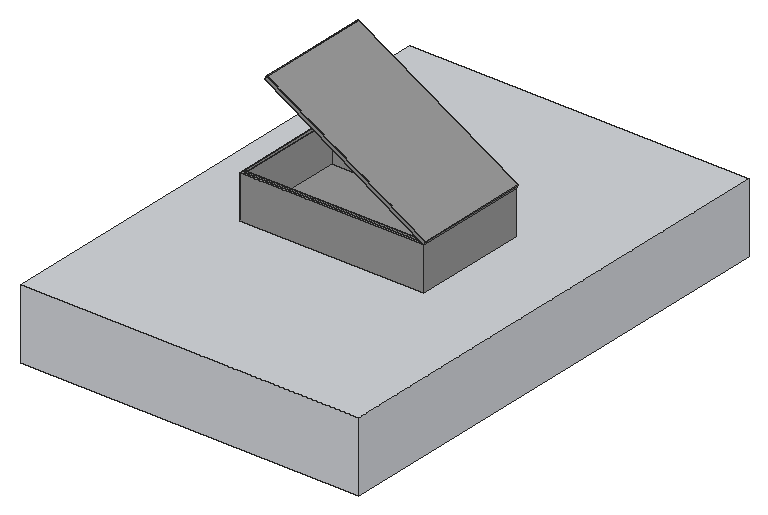
Revit family "Hager-Univers-IP44-D205-H500-Cl.II-Encl-CH-it", category Equipement électrique, Revit 2020
Family settings
  Hôte = Face
  Configuration du panneau = Deux colonnes, circuits au sein
  Cote de connecteur circulaire = Utiliser le diamètre
  Type d'élément = Tableau de raccordement
  Couper avec des vides une fois chargée = Non
  Partagée = Non
  Point de calcul de pièce = Non
Parameters (values of type "A parete IP44 L800 A500 P205  - FP33QS")
  Width Control [instance] = if([EF000008 - Larghezza] > Min Width, [EF000008 - Larghezza], Min Width)  # 800 mm
  Commentaires du type = [HG000003 - Gamma]  # "Univers"
  Thickness Door [instance] = if([EF009171 - spessore materiale porta/coperchio] > 3 mm, 3 mm, [EF009171 - spessore materiale porta/coperchio])  # 1 mm
  Seal Frame Offset [instance] = 17 mm  # constant formula
  Plinth Visibility [instance] = [HG000027 - Altezza dello zoccolo] > 0 mm  # no
  Model = ""
  Min Width [instance] = 100 mm  # constant formula
  Min Height [instance] = 100 mm  # constant formula
  Min Depth [instance] = (2 * [EF009170 - spessore materiale scatola]) + 1 mm  # 3 mm
  Internal Frame Depth [instance] = (Door System Depth * 0.5)  # 9 mm
  Height Control [instance] = if([EF000040 - Altezza] > Min Height, [EF000040 - Altezza], Min Height)  # 500 mm
  HG000027 - Altezza dello zoccolo = 0 mm
  HG000026 - A pavimento = no
  HG000024 - Altezza della sezione inferiore = 800 mm
  HG000023 - Custodia a doppia sezione = no
  HG000016 - Visibilità delle porte nella vista 3D [instance] = yes
  HG000015 - Visibilità attraverso la porta [instance] = no
  HG000014 - Porta destra [instance] = yes
  HG000013 - Porta sinistra [instance] = not([HG000014 - Porta destra])  # no
  HG000012 - Angolo di apertura della porta [instance] = 30.00°
  HG000010 - Porte asimmetriche = no
  HG000009 - Porta doppia a battente = no
  HG000006 - Ad incasso = no
  HG000004 - Codice produttore = "FP33QS"
  HG000003 - Gamma = "Univers"
  HG000002 - Con porta = yes
  Frame Offset Bottom [instance] = 10 mm  # constant formula
  Frame Offset [instance] = 15 mm  # constant formula
  EF015940 - Coprire con rilascio di sovrapressione = no
  EF011959 - tipo di protezione (NEMA) = ""
  EF009554 - numero delle aperture per la piastra della flangia = 6
  Fabricant = "Hager"  # constant formula
  EF009212 - esecuzione coperchio = "EV000116 - chiuso"
  EF009171 - spessore materiale porta/coperchio = 1 mm
  EF009170 - spessore materiale scatola = 1 mm
  EF008873 - corrente nominale (In) = 250 A
  EF007800 - adatto per parafulmine = no
  EF006306 - con serratura = no
  EF006244 - coperchio/porta trasparente = no
  EF005474 - grado di protezione (IP) = "EV006418 - IP44"
  EF004464 - tipo di porta = "EV002646 - singolo"
  EF004427 - numero di moduli = 108
  EF004293 - resistenza agli urti = "EV006815 - IK09"
  EF003532 - adatto per uso esterno = no
  EF002950 - Numero moduli DIN = 36
  EF001613 - Integrità del circuito = "EV000494 - senza"
  EF001596 - Attacco Lampada = "EV000179 - acciaio"
  EF001131 - profondità interna = 143 mm
  EF001088 - possibilità di applicazione = yes
  EF000437 - numero di ingressi per conduttori = 6
  EF000339 - tipo di copertura = "EV001012 - coperchio"
  EF000266 - numero di file = 3
  EF000218 - profondità di incasso = 0 mm
  EF000118 - con piastra di montaggio = no
  EF000116 - numero RAL = "9010"
  EF000049 - profondità = 205 mm
  EF000040 - Altezza = 500 mm
  EF000008 - Larghezza = 800 mm
  EF000007 - colore = "EV000202 - bianco"
  EF000003 - Tipo di montaggio = "EV000384 - A parete"
  Door System Leaf Tolerance [instance] = 1.5 mm  # constant formula
  Door System Depth [instance] = 18 mm  # constant formula
  Door Height [instance] = Height Control - [HG000027 - Altezza dello zoccolo]  # 500 mm
  Depth Control [instance] = if([EF000049 - profondità] > Min Depth, [EF000049 - profondità], Min Depth)  # 205 mm
  Default Elevation = 0 mm
  Connector Offset [instance] = Height Control / 2  # 250 mm
  Bottom Top Plate Trim [instance] = 1.5 mm  # constant formula
  Plinth height Ctrl [instance] = if([HG000027 - Altezza dello zoccolo] > 0 mm, [HG000027 - Altezza dello zoccolo], 12 mm)  # 12 mm
Types (5, lengths in mm): name | Width Control | HG000009 - Porta doppia a battente | HG000004 - Codice produttore | EF009554 - numero delle aperture per la piastra della flangia | EF004464 - tipo di porta | EF004427 - numero di moduli | EF002950 - Numero moduli DIN | EF000437 - numero di ingressi per conduttori | EF000008 - Larghezza
  A parete IP44 L1050 A500 P205  - FP34QS | 1050 | yes | "FP34QS" | 8 | "EV003602 - doppio" | 144 | 48 | 8 | 1050
  A parete IP44 L1300 A500 P205  - FP35QS | 1300 | yes | "FP35QS" | 10 | "EV003602 - doppio" | 180 | 60 | 10 | 1300
  A parete IP44 L300 A500 P205  - FP31QS | 300 | no | "FP31QS" | 2 | "EV002646 - singolo" | 36 | 12 | 2 | 300
  A parete IP44 L550 A500 P205  - FP32QS | 550 | no | "FP32QS" | 4 | "EV002646 - singolo" | 72 | 24 | 4 | 550
  A parete IP44 L800 A500 P205  - FP33QS | 800 | no | "FP33QS" | 6 | "EV002646 - singolo" | 108 | 36 | 6 | 800
Reference planes
  plane 1 "Center (Front/Back)": y = 0
  plane 2: z = 0
  plane 3 "Center (Left/Right)": x = 0
  plane 4: z = 205
  plane 5: y = 1
  plane 6: y = 250
  plane 7: y = 0
  plane 8: y = 500
  plane 9: z = 0
  plane 10: x = -385
  plane 11: x = 385
  plane 12: x = 384
  plane 13: x = -384
  plane 14: y = 499
  plane 15: x = -383
  plane 16: x = -400
  plane 17: x = 383
  plane 18: x = 400
  plane 19: x = 399
  plane 20: x = -399
  plane 21: y = 11
  plane 22: y = 500
  plane 23: y = 484
  plane 24: z = 187
  plane 25: z = 1
  plane 26: z = 186
  plane 27: z = 204
Forms (mm)
  Extrusion 1, solid
    sketch origin (0, 0, 0) x (1, 0, 0) y (0, 1, 0)
      loop
        line (-702.964, 1305) -> (-702.964, -811.445) -> (766.763, -811.445) -> (766.763, 1305) -> (-702.964, 1305)
    from 0 to -304.8
  Extrusion 2, solid, material "Hager_Steel_RAL7035_Light_Grey", visible <- "Plinth Visibility", detail levels medium+fine
    sketch origin (0, 0, 0) x (1, 0, 0) y (0, 1, 0)
      loop
        line (-400, 0) -> (400, 0) -> (400, 12) -> (-400, 12) -> (-400, 0)
    from 0 to 187
  Extrusion 3, solid, material "Hager_Steel_RAL7035_Light_Grey", detail levels medium+fine
    sketch origin (0, 0, 0) x (1, 0, 0) y (0, 1, 0)
      loop
        line (-400, 0) -> (400, 0) -> (400, 500) -> (-400, 500) -> (-400, 0)
    from 0 to 187
  Extrusion 4, void
    sketch origin (0, 0, 0) x (1, 0, 0) y (0, 1, 0)
      loop
        line (-399, 1) -> (399, 1) -> (399, 499) -> (-399, 499) -> (-399, 1)
    from 1 to 186
  Extrusion 5, void
    sketch origin (-381.607, -4572, 187) x (0, -1, 0) y (-1, 0, 0)
      loop
        line (-4583, 2.393) -> (-5056, 2.393) -> (-5056, -765.607) -> (-4583, -765.607) -> (-4583, 2.393)
    from 0 to 1 <- "EF009170 - spessore materiale scatola"
  Extrusion 6, solid, material "Hager_Steel_RAL7035_Light_Grey", detail levels fine
    sketch origin (0, 0, 187) x (1, 0, 0) y (0, 1, 0)
      loop
        line (-384, 484) -> (-384, 11) -> (384, 11) -> (384, 484) -> (-384, 484)
      loop
        line (-385, 10) -> (385, 10) -> (385, 485) -> (-385, 485) -> (-385, 10)
    from 0 to 9 <- "Internal Frame Depth"
  Extrusion 7, solid, material "Hager_Steel_RAL7035_Light_Grey", detail levels coarse
    sketch origin (0, 0, 0) x (1, 0, 0) y (0, 1, 0)
      loop
        line (-400, 0) -> (400, 0) -> (400, 500) -> (-400, 500) -> (-400, 0)
    from 0 to 205
  Sweep 8, void
    path in 3D
      loop
        line (-400, 12, 0) -> (400, 12, 0) -> (400, 12, 187) -> (-400, 12, 187) -> (-400, 12, 0)
    profile origin (-400, 12, 93.5) x (-1, 0, 0) y (0, -1, 0)
      loop
        line (0, 0) -> (0, 1.5) -> (-1.5, 1.5)
        arc (-1.5, 1.5) -> (-1.061, 0.439) -> (0, 0) r 1.5
Cuts and joins
  Extrusion 4, Extrusion 5 cuts Extrusion 3
  Sweep 8 cuts Extrusion 2
Lines and regions (mm)
  Masking region 1
    outline origin (0, 0, 0) x (1, 0, 0) y (0, 0, 1)
      loop
        line (-400, 205) -> (-400, 0) -> (400, 0) -> (400, 205) -> (-400, 205)
  Masking region 2, detail levels medium+fine
    outline origin (0, 140, 0) x (0, 1, 0) y (0, 0, 1)
      loop
        line (-140, 0) -> (360, 0) -> (360, 187) -> (-140, 187) -> (-140, 0)
  Masking region 3, not visible, detail levels medium+fine
    outline origin (0, 297.922, 0) x (0, 1, 0) y (0, 0, 1)
      loop
        line (-36.422, 0) -> (3.578, 0) -> (3.578, 194)
        arc (3.578, 194) -> (0.649, 201.071) -> (-6.422, 204) r 10
        line (-6.422, 204) -> (-36.422, 204) -> (-36.422, 0)
  Masking region 4, detail levels coarse
    outline origin (0, 0, 180) x (0, 1, 0) y (0, 0, 1)
      loop
        line (0, -180) -> (500, -180) -> (500, 25) -> (0, 25) -> (0, -180)
  Masking region 5, visible <- "Plinth Visibility", detail levels medium+fine
    outline origin (0, 52.24, 12.345) x (0, 0, -1) y (0, 1, 0)
      loop
        line (10.845, -40.24) -> (-173.155, -40.24)
        arc (-173.155, -40.24) -> (-173.594, -41.301) -> (-174.655, -41.74) r 1.5
        line (-174.655, -41.74) -> (-174.655, -52.24) -> (12.345, -52.24) -> (12.345, -41.74)
        arc (12.345, -41.74) -> (11.285, -41.301) -> (10.845, -40.24) r 1.5
  Masking region 6, detail levels medium+fine
    outline origin (-381.607, -4572, 187) x (-1, 0, 0) y (0, -1, 0)
      loop
        line (18.393, -5072) -> (18.393, -4572) -> (-781.607, -4572) -> (-781.607, -5072) -> (18.393, -5072)
  Masking region 7, visible <- "Plinth Visibility", detail levels medium+fine
    outline origin (-381.607, -4727, 187) x (-1, 0, 0) y (0, -1, 0)
      loop
        arc (16.893, -4739) -> (17.332, -4737.939) -> (18.393, -4737.5) r 1.5
        line (18.393, -4737.5) -> (18.393, -4727) -> (-781.607, -4727) -> (-781.607, -4737.5)
        arc (-781.607, -4737.5) -> (-780.546, -4737.939) -> (-780.107, -4739) r 1.5
        line (-780.107, -4739) -> (16.893, -4739)
  Masking region 8, detail levels coarse
    outline origin (-442.548, -4669.526, 187) x (-1, 0, 0) y (0, -1, 0)
      loop
        line (-42.548, -5169.526) -> (-42.548, -4669.526) -> (-842.548, -4669.526) -> (-842.548, -5169.526) -> (-42.548, -5169.526)
  sketch lines
    curve 1: line (-400, 12, 187) -> (-400, 12, 0)
    curve 2: line (400, 12, 187) -> (-400, 12, 187)
    curve 3: line (400, 12, 187) -> (400, 12, 0)
    curve 4: line (-400, 12, 0) -> (400, 12, 0)
Dimensions and locks
  "Depth Control": plane 4 to Extrusion 1
  "HG000027 - Altezza dello zoccolo": plane 1 "Center (Front/Back)" to plane 7
  "EF009170 - spessore materiale scatola": plane 5 to plane 7
  locked: connector elem to plane 3 "Center (Left/Right)"
  equal spacing: plane 8, plane 6, plane 7
  locked: connector elem to plane 6
  "EF009170 - spessore materiale scatola": plane 8 to plane 14
  "EF009170 - spessore materiale scatola": plane 10 to plane 13
  "EF009170 - spessore materiale scatola": plane 12 to plane 11
  "Frame Offset": plane 20 to plane 13
  "Frame Offset": plane 12 to plane 19
  "EF009170 - spessore materiale scatola": plane 16 to plane 20
  "EF009170 - spessore materiale scatola": plane 19 to plane 18
  "Seal Frame Offset": plane 16 to plane 15
  "Seal Frame Offset": plane 17 to plane 18
  "Frame Offset Bottom": plane 21 to plane 5
  "Frame Offset": plane 14 to plane 23
  equal spacing: plane 16, plane 3 "Center (Left/Right)", plane 18
  "Width Control": plane 16 to plane 18
  "EF009170 - spessore materiale scatola": plane 4 to plane 27
  "EF009170 - spessore materiale scatola": plane 24 to plane 26
  "EF009170 - spessore materiale scatola": plane 25 to level
  "Door System Depth": plane 4 to plane 24
  "Height Control": plane 1 "Center (Front/Back)" to Extrusion 7 sketch curve
  "Height Control": Masking region 4 sketch curve to plane 1 "Center (Front/Back)"
  "Height Control": plane 1 "Center (Front/Back)" to plane 22
  "Bottom Top Plate Trim": profile plane to Sweep 8 sketch curve
  "Bottom Top Plate Trim": Sweep 8 sketch curve to profile plane
  "Plinth height Ctrl": plane 1 "Center (Front/Back)" to Extrusion 2 sketch curve
  "Plinth height Ctrl": Masking region 5 sketch curve to plane 1 "Center (Front/Back)"
  "Plinth height Ctrl": plane 1 "Center (Front/Back)" to Masking region 7 sketch curve
  "Thickness Door": Extrusion 6 sketch curve to Extrusion 6 sketch curve  (x3)
  "Thickness Door": cut or joined group of Extrusion 3, Extrusion 4, Extrusion 5 to Extrusion 6 sketch curve
  radius of Masking region 3 sketch curve = 10 mm
  "Bottom Top Plate Trim": radius of Masking region 5 sketch curve  (x2)
  "Bottom Top Plate Trim": radius of Sweep 8 sketch curve
  "Bottom Top Plate Trim": radius of Masking region 7 sketch curve  (x2)
  aligned and locked: plane 2 to Extrusion 1
  aligned and locked: level to Extrusion 1
  aligned and locked: level to Masking region 1 sketch curve
  aligned and locked: Masking region 1 sketch curve to plane 18
  aligned and locked: Masking region 1 sketch curve to plane 16
  aligned and locked: plane 7 to Masking region 2 sketch curve
  aligned and locked: level to Masking region 3 sketch curve
  aligned and locked: Masking region 3 sketch curve to plane 27
  aligned and locked: level to Masking region 2 sketch curve
  aligned and locked: plane 1 "Center (Front/Back)" to Extrusion 2 sketch curve
  aligned and locked: Extrusion 3 sketch curve to plane 7
  aligned and locked: plane 16 to Extrusion 3 sketch curve
  aligned and locked: plane 18 to Extrusion 3 sketch curve
  aligned and locked: plane 20 to Extrusion 4 sketch curve
  aligned and locked: plane 19 to Extrusion 4 sketch curve
  aligned and locked: Extrusion 4 sketch curve to plane 5
  aligned and locked: Extrusion 4 to plane 25
  aligned and locked: plane 26 to Extrusion 4
  aligned and locked: plane 24 to Extrusion 3
  aligned and locked: Extrusion 5 sketch curve to plane 21
  aligned and locked: Extrusion 5 sketch curve to plane 13
  aligned and locked: Extrusion 5 sketch curve to plane 12
  aligned and locked: plane 18 to Extrusion 7 sketch curve
  aligned and locked: plane 1 "Center (Front/Back)" to Extrusion 7 sketch curve
  aligned and locked: plane 16 to Extrusion 7 sketch curve
  aligned and locked: plane 4 to Extrusion 7
  aligned and locked: Extrusion 7 to level
  aligned and locked: level to Masking region 4 sketch curve
  aligned and locked: Masking region 4 sketch curve to plane 1 "Center (Front/Back)"
  aligned and locked: Masking region 4 sketch curve to plane 4
  aligned and locked: nested 1 to level
  aligned and locked: nested 1 to plane 16
  aligned and locked: plane 8 to Extrusion 3 sketch curve
  aligned and locked: plane 23 to Extrusion 5 sketch curve
  aligned and locked: plane 14 to Extrusion 4 sketch curve
  aligned and locked: Masking region 2 sketch curve to plane 8
  aligned and locked: level to Masking region 5 sketch curve
  aligned and locked: plane 16 to Extrusion 2 sketch curve
  aligned and locked: plane 18 to Extrusion 2 sketch curve
  aligned and locked: Masking region 5 sketch curve to plane 24
  aligned and locked: Masking region 2 sketch curve to plane 24
  aligned and locked: plane 24 to Extrusion 2
  aligned and locked: profile plane to Sweep 8 sketch curve  (x2)
  aligned and locked: Masking region 6 sketch curve to plane 18
  aligned and locked: Masking region 6 sketch curve to plane 22
  aligned and locked: Masking region 6 sketch curve to plane 16
  aligned and locked: plane 8 to plane 22
  aligned and locked: Masking region 6 sketch curve to plane 7
  aligned and locked: Masking region 7 sketch curve to plane 16
  aligned and locked: Masking region 7 sketch curve to plane 1 "Center (Front/Back)"
  aligned and locked: Masking region 7 sketch curve to plane 18
  aligned and locked: Masking region 8 sketch curve to plane 1 "Center (Front/Back)"
  aligned and locked: Masking region 8 sketch curve to plane 18
  aligned and locked: Masking region 8 sketch curve to plane 22
  aligned and locked: Masking region 8 sketch curve to plane 16
  aligned and locked: nested 2 to plane 7
  aligned and locked: plane 3 "Center (Left/Right)" to nested 2
  aligned and locked: nested 2 to plane 24
  aligned and locked: Extrusion 6 sketch curve to cut or joined group of Extrusion 3, Extrusion 4, Extrusion 5  (x4)
Automatic sketch dimensions
  Extrusion 1 sketch curve to Extrusion 1 sketch curve = 1469.727 mm
  Extrusion 1 sketch curve to Extrusion 1 sketch curve = 2116.445 mm
  Masking region 1 sketch curve to plane 4 = 0 mm
  plane 6 to Masking region 3 sketch curve = 11.5 mm
  Masking region 3 sketch curve to Masking region 3 sketch curve = 30 mm
  Masking region 5 sketch curve to plane 1 "Center (Front/Back)" = 0 mm
Nested families
  nested 1: "Hager_Enclosure_Symbol" at (-400, 0, 0) x (1, 0, 0) z (0, -1, 0), Height <- "Depth Control", Width <- "Width Control", type "Hager_Enclosure_Symbol"
    with Width_Ctrl 800 mm, Width 800 mm, Height_Ctrl 205 mm, Height 205 mm, A_Width_Int 13.453 mm, A_Width 161.438 mm, A_Height_Ctrl 179.375 mm, A_Height 179.375 mm
  nested 2: "EC000058_Univers_Door" at (0, 0, 187) x (1, 0, 0) z (0, 1, 0), Leaf_Tolerance <- "Door System Leaf Tolerance", Angle <- "HG000012 - Angolo di apertura della porta", Door_Depth <- "Door System Depth", Door_Left <- "HG000013 - Porta sinistra", Transparent <- "EF006244 - coperchio/porta trasparente", Assymetrical <- "HG000010 - Porte asimmetriche", Width <- "Width Control", Clearance <- "HG000015 - Visibilità attraverso la porta", Double <- "HG000009 - Porta doppia a battente", 3d_Door <- "HG000016 - Visibilità delle porte nella vista 3D", Lock_Visibility <- "EF006306 - con serratura", Width_Ctrl <- "Width Control", Door_Right <- "HG000014 - Porta destra", Door <- "HG000002 - Con porta", Height <- "Door Height", Thickness <- "Thickness Door", type "EC000058_Univers_Door", detail levels medium+fine
    with min_wh 3 mm, Width_Ctrl 800 mm, Width 800 mm, Transparent no, Thickness 1 mm, Seal_Material Hager_Rubber, Lock_Visibility no, Lock_Material Hager_Plastic_RAL9005_Jet_Black, Leaf_Width 800 mm, Leaf_Tolerance_External_Sides 0 mm, Leaf_Tolerance 1.5 mm, Leaf_Offset 0 mm, Leaf_Height 497 mm, Leaf_2_Width 800 mm, Leaf_2_Offset 400 mm, Leaf_1_Width 800 mm, Leaf_1_Offset 400 mm, Height_Ctrl 500 mm, Height 500 mm, Glass_Material Hager_Glass, Double_Clearance_Ctrl no, Double no, Door_Right_Ctrl yes, Door_Right yes, Door_Material Hager_Steel_RAL7035_Light_Grey, Door_Left_Ctrl no, Door_Left no, Door_Depth 18 mm, Door yes, Clearance_Material Hager_Clearance, Clearance_Depth 800 mm, Clearance_Ctrl no, Clearance no, Assymetrical no, Angle 30.00°, 3d_Door yes
Connectors
  electrical at (0, 250, 0)
    settings: on plane 9, index 1, voltage 0 V, apparent load 0 VA, apparent load phase1 0 VA, apparent load phase2 0 VA, apparent load phase3 0 VA, power factor 1, load classification "Other", number of poles 1, system type 30, power factor state 1, is connector primary yes, connector utility no, sub classification motor no, connector description ""
Definition of nested family "EC000058_Univers_Door"
  Parameters (values of type "EC000058_Univers_Door")
    min_wh [instance] = (2 * Thickness) + 1 mm  # 11 mm
    Width_Ctrl [instance] = 400 mm
    Width [instance] = 500 mm
    Transparent [instance] = yes
    Thickness [instance] = 5 mm
    Seal_Material [instance] = none
    Lock_Visibility [instance] = yes
    Lock_Material [instance] = none
    Leaf_Width [instance] = if((Width_Ctrl - 2 * Leaf_Tolerance_External_Sides) > 0 mm, (Width_Ctrl - 2 * Leaf_Tolerance_External_Sides), min_wh)  # 400 mm
    Leaf_Tolerance_External_Sides [instance] = 0 mm  # constant formula
    Leaf_Tolerance [instance] = 1.5 mm
    Leaf_Offset [instance] = 0 mm  # constant formula
    Leaf_Height [instance] = if((Height_Ctrl - 2 * Leaf_Tolerance) > 0 mm, (Height_Ctrl - 2 * Leaf_Tolerance), min_wh)  # 497 mm
    Leaf_2_Width [instance] = if(and(and(Double, Assymetrical), Door_Left), (Leaf_Width / 3) - (Leaf_Tolerance / 2), if(and(and(Double, Assymetrical), Door_Right), (Leaf_Width / 3) * 2 - (Leaf_Tolerance / 2), if(and(Double, not(Assymetrical)), (Leaf_Width / 2) - Leaf_Tolerance, Leaf_Width)))  # 400 mm
    Leaf_2_Offset [instance] = if(and(Double, Assymetrical), Leaf_2_Width / 2, if(and(Double, not(Assymetrical)), Leaf_Width / 4, Leaf_Width / 2))  # 200 mm
    Leaf_1_Width [instance] = if(and(and(Double, Assymetrical), Door_Right), (Leaf_Width / 3) - (Leaf_Tolerance / 2), if(and(and(Double, Assymetrical), Door_Left), (Width / 3) * 2 - (Leaf_Tolerance / 2), if(and(Double, not(Assymetrical)), (Leaf_Width / 2) - Leaf_Tolerance, Leaf_Width)))  # 400 mm
    Leaf_1_Offset [instance] = if(and(Double, Assymetrical), Leaf_1_Width / 2, if(and(Double, not(Assymetrical)), Leaf_Width / 4, Leaf_Width / 2))  # 200 mm
    Height_Ctrl [instance] = if(Height > min_wh, Height, min_wh)  # 500 mm
    Height [instance] = 500 mm
    Glass_Material [instance] = none
    Double_Clearance_Ctrl [instance] = and(Double, Clearance)  # no
    Double [instance] = no
    Door_Right_Ctrl [instance] = and(or(Door_Right, Double), Door)  # yes
    Door_Right [instance] = yes
    Door_Material [instance] = none
    Door_Left_Ctrl [instance] = and(or(Door_Left, Double), Door)  # no
    Door_Left [instance] = no
    Door_Depth [instance] = 30 mm
    Door [instance] = yes
    Default Elevation = 1219.2 mm
    Clearance_Material [instance] = none
    Clearance_Depth [instance] = if(Leaf_1_Width > Leaf_2_Width, Leaf_1_Width, Leaf_2_Width)  # 400 mm
    Clearance_Ctrl [instance] = and(not(Double), Clearance)  # yes
    Clearance [instance] = yes
    Assymetrical [instance] = yes
    Angle [instance] = 30.00°
    3d_Door [instance] = yes
  Reference planes
    plane 1 "Center (Front/Back)": y = 0
    plane 2 "Bottom": z = 0
    plane 3 "Center (Left/Right)": x = 0
    plane 4: z = 500
    plane 5: x = -200
    plane 6: x = 200
    plane 7: z = 500
    plane 8: x = -200
    plane 9: z = 0
    plane 10: x = 200
    plane 11: y = 0
    plane 12: z = 1.5
    plane 13: x = -600
    plane 14: y = -400
    plane 15: x = 600
    plane 16: x = 0
    plane 17: x = 0
    plane 18: x = -200
    plane 19: x = 200
    plane 20: z = 498.5
  Forms (mm)
    Extrusion 1, solid, material <- "Clearance_Material", visible <- "Double_Clearance_Ctrl"
      sketch origin (1200, 0, 0) x (1, 0, 0) y (0, 0, -1)
        loop
          line (-1800, -498.5) -> (-600, -498.5) -> (-600, 0) -> (-1800, 0) -> (-1800, -498.5)
      from 0 to -400
  Dimensions and locks
    equal spacing: plane 5, plane 3 "Center (Left/Right)", plane 6
    "Width_Ctrl": plane 5 to plane 6
    "Leaf_Offset": plane 5 to plane 8
    "Leaf_Offset": plane 6 to plane 10
    "Leaf_Offset": plane 9 to level
    "Leaf_Offset": plane 4 to plane 7
    "Height_Ctrl": plane 4 to level
    "Leaf_Tolerance": plane 12 to plane 9
    locked: plane 11 to plane 1 "Center (Front/Back)"
    "Leaf_1_Offset": plane 18 to plane 16
    "Leaf_2_Offset": plane 17 to plane 19
    "Leaf_1_Width": plane 13 to plane 8
    "Leaf_2_Width": plane 10 to plane 15
    "Clearance_Depth": plane 14 to plane 1 "Center (Front/Back)"
    "Leaf_Tolerance_External_Sides": plane 8 to plane 18
    "Leaf_Tolerance_External_Sides": plane 19 to plane 10
    "Leaf_Tolerance": plane 7 to plane 20
    aligned and locked: level to plane 2 "Bottom"
    aligned and locked: nested 1 to plane 16
    aligned and locked: nested 2 to plane 17
    aligned and locked: Extrusion 1 to plane 13
    aligned and locked: plane 15 to Extrusion 1
    aligned and locked: Extrusion 1 to plane 14
    aligned and locked: plane 12 to nested 1
    aligned and locked: nested 2 to plane 12
    aligned and locked: Extrusion 1 to plane 11
    aligned and locked: plane 20 to Extrusion 1
    aligned and locked: nested 2 to plane 11
    aligned and locked: nested 1 to plane 11
  Automatic sketch dimensions
    Extrusion 1 sketch curve to level = 0 mm
    plane 5 to Extrusion 1 sketch curve = 400 mm
    plane 6 to Extrusion 1 sketch curve = 400 mm
    Extrusion 1 sketch curve to plane 4 = 1.5 mm
  Nested families
    nested 1: "EC000058_Univers_Door_Leaf" at (0, 0, 1.5), Width <- "Leaf_1_Width", visible <- "Door_Left_Ctrl", Leaf_Height <- "Leaf_Height", Angle <- "Angle", 3d_Door <- "3d_Door", Transparent <- "Transparent", Clearance Material <- "Clearance_Material", Clearance <- "Clearance_Ctrl", Door_Material <- "Door_Material", Glass_Material <- "Glass_Material", Door_Depth <- "Door_Depth", Lock_Material <- "Lock_Material", Seal_Material <- "Seal_Material", Lock_Visibility <- "Lock_Visibility", Thickness <- "Thickness", type "EC000058_Univers_Door_Leaf"
      with Width 400 mm, Transparent_Glass_Offset 30 mm, Transparent_Ctrl yes, Transparent yes, Thickness 5 mm, Standard no, Seal_Material none, Seal_D2 8 mm, Seal_D1 1 mm, Offset_Internal_Frame 10 mm, Lock_Width 20 mm, Lock_Visibility_3d yes, Lock_Visibility yes, Lock_Thickness_3 3 mm, Lock_Thickness_2 1 mm, Lock_Thickness_1 3 mm, Lock_Radius_Offset_2 16 mm, Lock_Radius_Offset_1 15 mm, Lock_Radius_2 5 mm, Lock_Radius 6 mm, Lock_Offset 5 mm, Lock_Material none, Lock_Height 80 mm, Lock_Cover_Top_Offset_2d 17 mm, Lock_Cover_Height -65 mm, Leaf_Height 497 mm, Internal_Seal_Thickness 8 mm, Internal_Seal_Depth_2 4.5 mm, Internal_Frame_Depth 25 mm, Glass_Thickness -1 mm, Glass_Offset -2 mm, Glass_Material none, Door_Material none, Door_Depth 30 mm, Clearance Material none, Clearance yes, Angle_Ctrl 30.00°, Angle 30.00°, 3d_Door yes
    nested 2: "EC000058_Univers_Door_Leaf" at (0, 0, 1.5) x (-1, 0, 0) z (0, 0, 1), Width <- "Leaf_2_Width", visible <- "Door_Right_Ctrl", Leaf_Height <- "Leaf_Height", Angle <- "Angle", 3d_Door <- "3d_Door", Transparent <- "Transparent", Clearance Material <- "Clearance_Material", Clearance <- "Clearance_Ctrl", Door_Material <- "Door_Material", Glass_Material <- "Glass_Material", Door_Depth <- "Door_Depth", Lock_Material <- "Lock_Material", Seal_Material <- "Seal_Material", Lock_Visibility <- "Lock_Visibility", Thickness <- "Thickness", type "EC000058_Univers_Door_Leaf"
      with Width 400 mm, Transparent_Glass_Offset 30 mm, Transparent_Ctrl yes, Transparent yes, Thickness 5 mm, Standard no, Seal_Material none, Seal_D2 8 mm, Seal_D1 1 mm, Offset_Internal_Frame 10 mm, Lock_Width 20 mm, Lock_Visibility_3d yes, Lock_Visibility yes, Lock_Thickness_3 3 mm, Lock_Thickness_2 1 mm, Lock_Thickness_1 3 mm, Lock_Radius_Offset_2 16 mm, Lock_Radius_Offset_1 15 mm, Lock_Radius_2 5 mm, Lock_Radius 6 mm, Lock_Offset 5 mm, Lock_Material none, Lock_Height 80 mm, Lock_Cover_Top_Offset_2d 17 mm, Lock_Cover_Height -65 mm, Leaf_Height 497 mm, Internal_Seal_Thickness 8 mm, Internal_Seal_Depth_2 4.5 mm, Internal_Frame_Depth 25 mm, Glass_Thickness -1 mm, Glass_Offset -2 mm, Glass_Material none, Door_Material none, Door_Depth 30 mm, Clearance Material none, Clearance yes, Angle_Ctrl 30.00°, Angle 30.00°, 3d_Door yes
  Definition of nested family "EC000058_Univers_Door_Leaf"
    Parameters (values of type "EC000058_Univers_Door_Leaf")
      Width [instance] = 2000 mm
      Transparent_Glass_Offset [instance] = 30 mm
      Transparent_Ctrl [instance] = and(Transparent, [3d_Door])  # yes
      Transparent [instance] = yes
      Thickness [instance] = 5 mm
      Standard [instance] = and(not(Transparent), [3d_Door])  # no
      Seal_Material [instance] = none
      Seal_D2 [instance] = 8 mm  # constant formula
      Seal_D1 [instance] = 1 mm  # constant formula
      Offset_Internal_Frame [instance] = 10 mm  # constant formula
      Lock_Width [instance] = 20 mm  # constant formula
      Lock_Visibility_3d [instance] = and(Lock_Visibility, [3d_Door])  # yes
      Lock_Visibility [instance] = yes
      Lock_Thickness_3 [instance] = 3 mm  # constant formula
      Lock_Thickness_2 [instance] = 1 mm  # constant formula
      Lock_Thickness_1 [instance] = 3 mm  # constant formula
      Lock_Radius_Offset_2 [instance] = Lock_Radius_Offset_1 + 1 mm  # 16 mm
      Lock_Radius_Offset_1 [instance] = 15 mm  # constant formula
      Lock_Radius_2 [instance] = Lock_Radius - 1 mm  # 5 mm
      Lock_Radius [instance] = 6 mm  # constant formula
      Lock_Offset [instance] = 5 mm  # constant formula
      Lock_Material [instance] = none
      Lock_Height [instance] = 80 mm  # constant formula
      Lock_Cover_Top_Offset_2d [instance] = Lock_Radius_Offset_2 + 1 mm  # 17 mm
      Lock_Cover_Height [instance] = -(Lock_Height - Lock_Radius_Offset_1)  # -65 mm
      Leaf_Height [instance] = 2720.336 mm
      Internal_Seal_Thickness [instance] = 8 mm  # constant formula
      Internal_Seal_Depth_2 [instance] = 4.5 mm  # constant formula
      Internal_Frame_Depth [instance] = if(Door_Depth - Thickness > 5 mm, Door_Depth - Thickness, 5 mm)  # 25 mm
      Glass_Thickness [instance] = if(Thickness > 15 mm, Glass_Offset + 10 mm, -1 mm)  # -1 mm
      Glass_Offset [instance] = if(Thickness > 15 mm, -(Thickness + 10 mm) / 2, -2 mm)  # -2 mm
      Glass_Material [instance] = none
      Door_Material [instance] = none
      Door_Depth [instance] = 30 mm
      Default Elevation = 0 mm
      Clearance Material [instance] = none
      Clearance [instance] = yes
      Angle_Ctrl [instance] = if(Angle > 180.00°, 180.00°, Angle)  # 90.00°
      Angle [instance] = 90.00°
      3d_Door [instance] = yes
    Reference planes
      plane 1 "Center (Front/Back)": y = 0
      plane 2: z = 0
      plane 3 "Center (Left/Right)": x = 0
      plane 4: y = 2000
      plane 5: x = -1000
      plane 6: x = 1000
      plane 7: x = -3000
      plane 8: z = 2720.336
      plane 9: z = 30
      plane 10: z = 2690.336
      plane 11: x = 970
      plane 12: x = -970
      plane 13: y = -3
      plane 14: z = 107.833
      plane 15: y = -5
      plane 16: y = -223.314
      plane 17: x = -1000
      plane 18: z = 1360.168
      plane 19: y = 30
    Forms (mm)
      Extrusion 1, solid, material <- "Clearance Material", visible <- "Clearance"
        sketch origin (0, 0, 0) x (1, 0, 0) y (0, 0, 1)
          loop
            line (-3000, 2720.336) -> (-3000, 0) -> (1000, 0) -> (1000, 2720.336) -> (-3000, 2720.336)
        from 0 to -2000
      Extrusion 2, solid, material <- "Door_Material", visible <- "Standard", detail levels medium+fine
        sketch origin (-1000, 0, 0) x (0, 1, 0) y (-1, 0, 0)
          loop
            line (0, 30) -> (0, 25) -> (2000, 25) -> (2000, 30) -> (0, 30)
        from 0 to 2720.336 <- "Leaf_Height"
      Extrusion 3, solid, material <- "Door_Material", visible <- "Transparent_Ctrl", detail levels medium+fine
        sketch origin (-1000, 0, 0) x (0, 1, 0) y (-1, 0, 0)
          loop
            line (0, 25) -> (2000, 25) -> (2000, 30) -> (0, 30) -> (0, 25)
        from 0 to 2720.336 <- "Leaf_Height"
      Extrusion 4, void
        sketch origin (-1025, 2000, 0) x (0, 1, 0) y (0, 0, -1)
          loop
            line (-30, -2690.336) -> (-30, -30) -> (-1970, -30) -> (-1970, -2690.336) -> (-30, -2690.336)
        from 0 to 5 <- "Thickness"
      Sweep 5, solid, material <- "Seal_Material", visible <- "Transparent_Ctrl", detail levels fine
        path in 3D
          loop
            line (-1025, 30, 30) -> (-1025, 30, 2690.336) -> (-1025, 1970, 2690.336) -> (-1025, 1970, 30) -> (-1025, 30, 30)
        profile origin (-1025, 1000, 30) x (1, 0, 0) y (0, 0, 1)
          loop
            line (0, 0) -> (0, -8) -> (1, -8) -> (1, 0) -> (0, 0)
      Extrusion 6, solid, material <- "Glass_Material", visible <- "Transparent_Ctrl", detail levels medium+fine
        sketch origin (-1030, 0, 0) x (0, 1, 0) y (0, 0, -1)
          loop
            line (1970, -2690.336) -> (1970, -30) -> (30, -30) -> (30, -2690.336) -> (1970, -2690.336)
        from -2 <- "Glass_Offset" to -1 <- "Glass_Thickness"
      Extrusion 7, solid, material <- "Door_Material", visible <- "3d_Door", detail levels medium+fine
        sketch origin (-1025, 2000, 0) x (0, -1, 0) y (0, 0, -1)
          loop
            line (0, -2720.336) -> (2000, -2720.336) -> (2000, 0) -> (0, 0) -> (0, -2720.336)
          loop
            line (1995, -5) -> (5, -5) -> (5, -2715.336) -> (1995, -2715.336) -> (1995, -5)
        from 0 to 25 <- "Internal_Frame_Depth"
      Sweep 8, solid, material <- "Seal_Material", visible <- "Transparent_Ctrl", detail levels fine
        path in 3D
          loop
            line (-1025, 0, 0) -> (-1025, 2000, 0) -> (-1025, 2000, 2720.336) -> (-1025, 0, 2720.336) -> (-1025, 0, 0)
        profile origin (-1025, 0, 1360.168) x (1, 0, 0) y (0, 1, 0)
          loop
            line (0, 10) -> (2.975, 10)
            arc (2.975, 10) -> (4.053, 10.447) -> (4.5, 11.525) r 1.525
            line (4.5, 11.525) -> (4.5, 16.527)
            arc (4.5, 16.527) -> (4.069, 17.569) -> (3.027, 18) r 1.473
            line (3.027, 18) -> (0, 18) -> (0, 10)
      Extrusion 9, solid, material <- "Lock_Material", visible <- "Lock_Visibility_3d", detail levels fine
        sketch origin (-1030, 0, 0) x (0, 1, 0) y (0, 0, -1)
          loop
            arc (1993.5, -1400.168) -> (1994.561, -1399.729) -> (1995, -1398.668) r 1.5
            line (1995, -1398.668) -> (1995, -1320.168) -> (1975, -1320.168) -> (1975, -1398.668)
            arc (1975, -1398.668) -> (1975.439, -1399.729) -> (1976.5, -1400.168) r 1.5
            line (1976.5, -1400.168) -> (1993.5, -1400.168)
        from 3 <- "Lock_Thickness_1" to 0
      Blend 10, solid, material <- "Lock_Material", visible <- "Lock_Visibility_3d", detail levels fine
        base sketch origin (-1033, 0, 0) x (0, 1, 0) y (0, 0, -1)
          loop
            line (1975, -1320.168) -> (1975, -1398.668)
            arc (1975, -1398.668) -> (1975.439, -1399.729) -> (1976.5, -1400.168) r 1.5
            line (1976.5, -1400.168) -> (1993.5, -1400.168)
            arc (1993.5, -1400.168) -> (1994.561, -1399.729) -> (1995, -1398.668) r 1.5
            line (1995, -1398.668) -> (1995, -1320.168) -> (1975, -1320.168)
        top sketch origin (-1033, 0, 0) x (0, 1, 0) y (0, 0, -1)
          loop
            line (1976, -1320.168) -> (1976, -1398.668)
            arc (1976, -1398.668) -> (1976.146, -1399.022) -> (1976.5, -1399.168) r 0.5
            line (1976.5, -1399.168) -> (1993.5, -1399.168)
            arc (1993.5, -1399.168) -> (1993.854, -1399.022) -> (1994, -1398.668) r 0.5
            line (1994, -1398.668) -> (1994, -1320.168) -> (1976, -1320.168)
        from 0 to 1 <- "Lock_Thickness_2"
      Blend 11, solid, material <- "Lock_Material", visible <- "Lock_Visibility_3d", detail levels fine
        base sketch origin (-1034, 0, 0) x (0, 1, 0) y (0, 0, -1)
          loop
            line (1978, -1320.168) -> (1978, -1384.168)
            arc (1978, -1384.168) -> (1985, -1391.168) -> (1992, -1384.168) r 7
            line (1992, -1384.168) -> (1992, -1320.168) -> (1978, -1320.168)
        top sketch origin (-1034, 0, 0) x (0, 1, 0) y (0, 0, -1)
          loop
            line (1991, -1320.168) -> (1979, -1320.168) -> (1979, -1383.168)
            arc (1979, -1383.168) -> (1985, -1389.168) -> (1991, -1383.168) r 6
            line (1991, -1383.168) -> (1991, -1320.168)
        from 0 to 3 <- "Lock_Thickness_3"
      Extrusion 12, solid, material <- "Lock_Material", visible <- "Lock_Visibility_3d", detail levels fine
        sketch origin (-1030, 1975, 1320.168) x (1, 0, 0) y (0, -1, 0)
          loop
            line (-7, -19) -> (-7, -1) -> (0, -1) -> (0, 0) -> (-8, 0) -> (-8, -20) -> (0, -20) -> (0, -19) -> (-7, -19)
        from 0 to -65 <- "Lock_Cover_Height"
      Extrusion 13, void
        sketch origin (-1038, 1995, 1320.168) x (-1, 0, 0) y (0, 0, -1)
          loop
            line (-5, -65) -> (0, -65) -> (-5, -60) -> (-5, -65)
        from 0 to 20 <- "Lock_Width"
      Extrusion 14, void
        sketch origin (-1038, 1975, 1320.168) x (0, -1, 0) y (0, 0, -1)
          loop
            circle (-10, -15.995) r 6
          loop
            circle (-10, -15.995) r 5
        from 0 to 2
      Extrusion 15, solid, material <- "Lock_Material", visible <- "Lock_Visibility_3d", detail levels medium
        sketch origin (-1030, 0, 0) x (0, 1, 0) y (0, 0, -1)
          loop
            arc (1993.5, -1400.168) -> (1994.561, -1399.729) -> (1995, -1398.668) r 1.5
            line (1995, -1398.668) -> (1995, -1320.168) -> (1975, -1320.168) -> (1975, -1398.668)
            arc (1975, -1398.668) -> (1975.439, -1399.729) -> (1976.5, -1400.168) r 1.5
            line (1976.5, -1400.168) -> (1993.5, -1400.168)
        from 8 to 0
    Cuts and joins
      Extrusion 4 cuts Extrusion 3
      Extrusion 13, Extrusion 14 cuts Extrusion 9
      Extrusion 14 cuts Blend 11
      Extrusion 13, Extrusion 14 cuts Extrusion 12
      joined: Extrusion 9, Blend 10, Blend 11, Extrusion 12
      Extrusion 14 cuts Extrusion 15
    Lines and regions (mm)
      Masking region 1, visible <- "Lock_Visibility", detail levels fine
        outline origin (0, 0, 0) x (0, 1, 0) y (0, 0, 1)
          loop
            line (30, 1320.168) -> (33, 1320.168) -> (33, 1400.168) -> (30, 1400.168) -> (30, 1320.168)
      Masking region 2, visible <- "Lock_Visibility", detail levels fine
        outline origin (0, 3.143, 0) x (0, 1, 0) y (0, 0, 1)
          loop
            line (29.857, 1354.168) -> (30.857, 1354.168) -> (30.857, 1366.168) -> (29.857, 1366.168) -> (29.857, 1354.168)
      Masking region 3, detail levels medium+fine
        outline origin (0, 0, 0) x (0, 1, 0) y (0, 0, 1)
          loop
            line (0, 0) -> (30, 0) -> (30, 2720.336) -> (0, 2720.336) -> (0, 0)
      Masking region 4, detail levels medium+fine
        outline origin (0, 0, 0) x (1, 0, 0) y (0, 0, 1)
          loop
            line (-1000, 2720.336) -> (-1000, 0) -> (1000, 0) -> (1000, 2720.336) -> (-1000, 2720.336)
      Masking region 5, visible <- "Lock_Visibility", detail levels fine
        outline origin (-47.116, 0, 0) x (1, 0, 0) y (0, 0, 1)
          loop
            arc (1024.616, 1399.168) -> (1023.556, 1398.729) -> (1023.116, 1397.668) r 1.5
            line (1023.116, 1397.668) -> (1023.116, 1320.168) -> (1041.116, 1320.168) -> (1041.116, 1397.668)
            arc (1041.116, 1397.668) -> (1040.677, 1398.729) -> (1039.616, 1399.168) r 1.5
            line (1039.616, 1399.168) -> (1024.616, 1399.168)
      Masking region 6, visible <- "Lock_Visibility", detail levels medium+fine
        outline origin (-25, 0, 0) x (1, 0, 0) y (0, 0, 1)
          loop
            arc (1001.5, 1400.168) -> (1000.439, 1399.729) -> (1000, 1398.668) r 1.5
            line (1000, 1398.668) -> (1000, 1320.168) -> (1020, 1320.168) -> (1020, 1398.668)
            arc (1020, 1398.668) -> (1019.561, 1399.729) -> (1018.5, 1400.168) r 1.5
            line (1018.5, 1400.168) -> (1001.5, 1400.168)
      Masking region 7, visible <- "Lock_Visibility", detail levels fine
        outline origin (-73.735, 0, 0) x (1, 0, 0) y (0, 0, 1)
          loop
            line (1051.735, 1382.168) -> (1065.735, 1382.168) -> (1065.735, 1384.168)
            arc (1065.735, 1384.168) -> (1058.735, 1391.168) -> (1051.735, 1384.168) r 7
            line (1051.735, 1384.168) -> (1051.735, 1382.168)
      Masking region 8, visible <- "Lock_Visibility", detail levels fine
        outline origin (-73.735, 0, 0) x (1, 0, 0) y (0, 0, 1)
          loop
            line (1052.735, 1382.168) -> (1064.735, 1382.168) -> (1064.735, 1383.168)
            arc (1064.735, 1383.168) -> (1058.735, 1389.168) -> (1052.735, 1383.168) r 6
            line (1052.735, 1383.168) -> (1052.735, 1382.168)
      Masking region 9, visible <- "Lock_Visibility", detail levels fine
        outline origin (-25, 0, 0) x (1, 0, 0) y (0, 0, 1)
          loop
            line (1020, 1320.168) -> (1020, 1382.168) -> (1000, 1382.168) -> (1000, 1320.168) -> (1020, 1320.168)
      Masking region 10, detail levels medium+fine
        outline origin (0, 0, 0) x (1, 0, 0) y (0, 0, 1)
          loop
            circle (985, 1335.144) r 6
      Masking region 11, detail levels fine
        outline origin (0, 0, 0) x (1, 0, 0) y (0, 0, 1)
          loop
            circle (985, 1335.144) r 5
      Masking region 12, visible <- "Lock_Visibility", detail levels fine
        outline origin (0, 12.767, 0) x (0, 1, 0) y (0, 0, 1)
          loop
            line (20.233, 1320.168) -> (21.233, 1320.168) -> (21.233, 1399.168) -> (20.233, 1400.168) -> (20.233, 1320.168)
      Masking region 13, visible <- "Lock_Visibility", detail levels fine
        outline origin (0, 13.767, -10) x (0, 1, 0) y (0, 0, 1)
          loop
            line (20.233, 1330.168) -> (23.233, 1330.168) -> (23.233, 1399.168) -> (20.233, 1402.168) -> (20.233, 1330.168)
      Masking region 14, visible <- "Lock_Visibility", detail levels fine
        outline origin (0, 12.767, -10) x (0, 1, 0) y (0, 0, 1)
          loop
            line (20.233, 1330.168) -> (25.233, 1330.168) -> (25.233, 1399.305) -> (20.233, 1394.305) -> (20.233, 1330.168)
      Masking region 15, visible <- "Lock_Visibility", detail levels medium
        outline origin (0, 0, 0) x (0, 1, 0) y (0, 0, 1)
          loop
            line (30, 1320.168) -> (38, 1320.168) -> (38, 1400.168) -> (30, 1400.168) -> (30, 1320.168)
      Masking region 16, visible <- "Lock_Visibility", detail levels fine
        outline origin (-1000, 0, 0) x (0, 1, 0) y (-1, 0, 0)
          loop
            line (1975, 30) -> (1995, 30) -> (1995, 38) -> (1975, 38) -> (1975, 30)
          loop
            line (1979, 37) -> (1976, 37) -> (1976, 34) -> (1978, 34) -> (1979, 37)
          loop
            line (1994, 37) -> (1991, 37) -> (1992, 34) -> (1994, 34) -> (1994, 37)
      Masking region 17, visible <- "Lock_Visibility", detail levels medium
        outline origin (-1000, 0, 0) x (0, 1, 0) y (-1, 0, 0)
          loop
            line (1975, 30) -> (1995, 30) -> (1995, 38) -> (1975, 38) -> (1975, 30)
      symbolic lines
        curve 1: line (1000, 0, 0) -> (-3000, 0, 0)
        curve 2: arc (1000, 0, 0) -> (-1000, 2000, 0) -> (-3000, 0, 0) r 2000
        curve 4: line (-1030, 0, 0) -> (-1030, 2000, 0)
      reference lines
        curve 3: line (-1000, 0, 0) -> (-1000, 2000, 0)
      symbolic lines, detail levels medium+fine
        curve 5: line (-1030, 2000, 0) -> (-1025, 2000, 0)
        curve 7: line (-1025, 0, 0) -> (-1030, 0, 0)
        curve 8: line (-1025, 0, 0) -> (-1000, 0, 0)
        curve 9: line (-1000, 0, 0) -> (-1000, 2000, 0)
        curve 10: line (-1000, 2000, 0) -> (-1025, 2000, 0)
      symbolic lines, detail levels fine
        curve 6: line (-1025, 2000, 0) -> (-1025, 0, 0)
      sketch lines
        curve 11: line (-1025, 0, 2720.336) -> (-1025, 0, 0)
        curve 12: line (-1025, 2000, 0) -> (-1025, 0, 0)
        curve 13: line (-1025, 2000, 2720.336) -> (-1025, 2000, 0)
        curve 14: line (-1025, 0, 2720.336) -> (-1025, 2000, 2720.336)
        curve 15: line (-1025, 1970, 30) -> (-1025, 30, 30)
        curve 16: line (-1025, 30, 30) -> (-1025, 30, 2690.336)
        curve 17: line (-1025, 1970, 2690.336) -> (-1025, 1970, 30)
        curve 18: line (-1025, 30, 2690.336) -> (-1025, 1970, 2690.336)
      symbolic lines, visible <- "Transparent", detail levels medium+fine
        curve 19: line (-970, 0, 2690.336) -> (970, 0, 2690.336)
        curve 20: line (-970, 0, 30) -> (-970, 0, 2690.336)
        curve 21: line (970, 0, 30) -> (-970, 0, 30)
        curve 22: line (970, 0, 2690.336) -> (970, 0, 30)
    Dimensions and locks
      "Width": plane 1 "Center (Front/Back)" to plane 4
      equal spacing: plane 5, plane 3 "Center (Left/Right)", plane 6
      "Width": plane 5 to plane 6
      "Width": plane 7 to plane 5
      "Leaf_Height": plane 8 to level
      "Width": curve 5 to curve 3
      "Width": curve 3 to curve 3
      plane 8 to plane 10 = 30 mm
      plane 9 to level = 30 mm
      plane 12 to plane 5 = 30 mm
      plane 6 to plane 11 = 30 mm
      Extrusion 1 to Extrusion 4 sketch curve = 30 mm
      "Transparent_Glass_Offset": curve 3 to Extrusion 4 sketch curve
      "Transparent_Glass_Offset": Extrusion 4 sketch curve to cut or joined group of Extrusion 3, Extrusion 4  (x2)
      cut or joined group of Extrusion 3, Extrusion 4 to Extrusion 6 sketch curve = 30 mm
      "Transparent_Glass_Offset": cut or joined group of Extrusion 3, Extrusion 4 to Extrusion 4 sketch curve
      "Thickness": curve 6 to curve 4
      "Thickness": Extrusion 7 sketch curve to Extrusion 7 sketch curve  (x4)
      "Door_Depth": curve 4 to curve 3
      "Offset_Internal_Frame": profile plane to Sweep 8 sketch curve
      "Internal_Seal_Thickness": Sweep 8 sketch curve to Sweep 8 sketch curve
      "Internal_Seal_Depth_2": profile plane to Sweep 8 sketch curve
      "Seal_D1": profile plane to Sweep 5 sketch curve
      "Seal_D2": profile plane to Sweep 5 sketch curve
      "Thickness": Extrusion 2 sketch curve to Extrusion 2 sketch curve
      equal spacing: Extrusion 9 sketch curve, plane 18, Extrusion 9 sketch curve  (x2)
      equal spacing: Masking region 1 sketch curve, plane 18, Masking region 1 sketch curve
      "Lock_Height": Masking region 1 sketch curve to Masking region 1 sketch curve
      "Lock_Radius": Masking region 2 sketch curve to plane 18 to Masking region 2 sketch curve
      Masking region 2 sketch curve to Masking region 1 = 1 mm
      "Door_Depth": plane 19 to plane 1 "Center (Front/Back)"
      "Lock_Thickness_1": Masking region 1 sketch curve to plane 19
      "Lock_Width": Extrusion 9 sketch curve to Extrusion 9 sketch curve
      "Lock_Height": Extrusion 9 sketch curve to Extrusion 9 sketch curve
      "Lock_Offset": cut or joined group of Extrusion 3, Extrusion 4 to Extrusion 9 sketch curve
      equal spacing: plane 8, plane 18, level
      "Lock_Radius_Offset_1": Blend 11 sketch curve to Blend 10
      locked: Blend 10 to Blend 11 sketch curve at 2  (x2)
      locked: var sketch to Blend 11 sketch curve at 1  (x2)
      "Lock_Radius_Offset_2": Blend 11 sketch curve to Blend 10
      locked: Extrusion 12 sketch curve to Extrusion 12 sketch curve at 1  (x3)
      Masking region 6 sketch curve to Masking region 6 sketch curve = 80 mm
      "Lock_Height": Masking region 6 sketch curve to Masking region 6 sketch curve
      "Lock_Width": Masking region 6 sketch curve to Masking region 6 sketch curve
      locked: Masking region 6 to Masking region 5 sketch curve at 1  (x3)
      locked: Masking region 5 to Masking region 7 sketch curve at 2  (x2)
      "Lock_Radius_Offset_1": Masking region 5 to Masking region 7 sketch curve
      "Lock_Radius_Offset_2": Masking region 5 to Masking region 8 sketch curve
      locked: Masking region 7 to Masking region 8 sketch curve at 1  (x2)
      "Lock_Cover_Top_Offset_2d": Masking region 5 to Masking region 9 sketch curve
      equal spacing: Masking region 9, Masking region 10 sketch curve, Masking region 9
      equal spacing: Masking region 9, Masking region 11 sketch curve, Masking region 9
      Extrusion 15 sketch curve to Extrusion 15 sketch curve = 80 mm
      "Lock_Width": Extrusion 15 sketch curve to Extrusion 15 sketch curve
      "Lock_Height": Extrusion 15 sketch curve to Extrusion 15 sketch curve
      equal spacing: Extrusion 15 sketch curve, plane 18, Extrusion 15 sketch curve
      "Lock_Thickness_3": Masking region 13 sketch curve to Masking region 13 sketch curve
      "Lock_Height": Masking region 12 sketch curve to Masking region 12 sketch curve
      locked: Masking region 13 sketch curve to Masking region 1 at 8
      locked: Masking region 14 sketch curve to Masking region 13 at 1
      locked: Masking region 14 sketch curve to Masking region 1 at 10.863
      "Lock_Height": Masking region 15 sketch curve to Masking region 15 sketch curve
      "Lock_Offset": Extrusion 15 sketch curve to cut or joined group of Extrusion 3, Extrusion 4
      "Lock_Offset": plane 6 to Masking region 6 sketch curve
      radius of Sweep 8 sketch curve = 1.525 mm
      radius of Sweep 8 sketch curve = 1.473 mm
      radius of Extrusion 9 sketch curve = 1.5 mm  (x2)
      "Lock_Radius": radius of Extrusion 14 sketch curve
      "Lock_Radius_2": radius of Extrusion 14 sketch curve
      "Lock_Radius": radius of Masking region 10 sketch curve
      "Lock_Radius_2": radius of Masking region 11 sketch curve
      radius of Extrusion 15 sketch curve = 1.5 mm  (x2)
      "Angle_Ctrl": angle plane 1 "Center (Front/Back)" to curve 3
      locked: Masking region 12 sketch curve to Masking region 12 sketch curve (angle 45.00°)
      locked: Masking region 13 sketch curve to Masking region 13 sketch curve (angle 45.00°)
      locked: Masking region 14 sketch curve to Masking region 14 sketch curve (angle 45.00°)
      aligned and locked: level to plane 2
      aligned and locked: Extrusion 1 to curve 1
      aligned and locked: plane 6 to Extrusion 1
      aligned and locked: Extrusion 1 to plane 1 "Center (Front/Back)"
      aligned and locked: plane 4 to Extrusion 1
      aligned and locked: plane 8 to Extrusion 1
      aligned and locked: curve 7 to Extrusion 2 sketch curve
      aligned and locked: curve 5 to Extrusion 2 sketch curve
      aligned and locked: curve 7 to Extrusion 3 sketch curve
      aligned and locked: Extrusion 3 sketch curve to curve 4
      aligned and locked: Extrusion 3 sketch curve to curve 6
      aligned and locked: Extrusion 3 sketch curve to curve 5
      aligned and locked: curve 9 to curve 3
      aligned and locked: Extrusion 7 sketch curve to cut or joined group of Extrusion 3, Extrusion 4  (x4)
      aligned and locked: plane 17 to curve 3
      aligned and locked: plane 1 "Center (Front/Back)" to curve 3
      aligned and locked: plane 17 to plane 5
      aligned and locked: Sweep 8 sketch curve to profile plane
      aligned and locked: Sweep 5 sketch curve to profile plane  (x2)
      aligned and locked: Masking region 1 to Masking region 2 sketch curve
      aligned and locked: plane 19 to Masking region 1 sketch curve
      aligned and locked: plane 1 "Center (Front/Back)" to Masking region 3 sketch curve
      aligned and locked: plane 19 to Masking region 3 sketch curve
      aligned and locked: level to Masking region 3 sketch curve
      aligned and locked: Masking region 3 sketch curve to plane 8
      aligned and locked: plane 17 to Masking region 4 sketch curve
      aligned and locked: level to Masking region 4 sketch curve
      aligned and locked: Masking region 4 sketch curve to plane 8
      aligned and locked: plane 12 to curve 20
      aligned and locked: plane 10 to curve 19
      aligned and locked: plane 11 to curve 22
      aligned and locked: curve 21 to plane 9
      aligned and locked: Extrusion 2 sketch curve to cut or joined group of Extrusion 3, Extrusion 4
      aligned and locked: Blend 10 sketch curve to Extrusion 9  (x4)
      aligned and locked: Extrusion 9 to Blend 10 sketch curve
      aligned and locked: Blend 10 to Blend 11 sketch curve
      aligned and locked: Extrusion 12 sketch curve to Blend 11
      aligned and locked: Extrusion 12 sketch curve to Extrusion 9  (x4)
      aligned and locked: Masking region 5 sketch curve to Masking region 6
      aligned and locked: Masking region 9 sketch curve to Masking region 6  (x3)
      aligned and locked: Masking region 12 sketch curve to Masking region 1
      aligned and locked: Masking region 13 sketch curve to Masking region 1
      aligned and locked: Masking region 12 to Masking region 14
      aligned and locked: Masking region 14 sketch curve to Masking region 1
      aligned and locked: Masking region 15 sketch curve to Masking region 14
      aligned and locked: Masking region 13 sketch curve to Masking region 12
      aligned and locked: Masking region 16 sketch curve to cut or joined group of Extrusion 14, Extrusion 15  (x4)
      aligned and locked: Masking region 16 sketch curve to cut or joined group of Extrusion 9, Blend 10, Blend 11, Extrusion 12, Extrusion 13, Extrusion 14  (x6)
      aligned and locked: cut or joined group of Extrusion 9, Blend 10, Blend 11, Extrusion 12, Extrusion 13, Extrusion 14 to Masking region 16 sketch curve
      aligned and locked: Masking region 17 sketch curve to cut or joined group of Extrusion 14, Extrusion 15  (x3)
      aligned and locked: Masking region 17 sketch curve to cut or joined group of Extrusion 9, Blend 10, Blend 11, Extrusion 12, Extrusion 13, Extrusion 14
      aligned and locked: Masking region 9 to Masking region 8 sketch curve
      aligned and locked: Masking region 9 to Masking region 7 sketch curve
    Automatic sketch dimensions
      plane 1 "Center (Front/Back)" to curve 2 = 0 mm
      curve 2 to plane 5 = 0 mm
      Extrusion 1 sketch curve to level = 0 mm
      Extrusion 1 sketch curve to plane 7 = 0 mm
      Extrusion 1 sketch curve to plane 6 = 0 mm
      Extrusion 1 sketch curve to plane 8 = 0 mm
      Extrusion 3 to Extrusion 6 sketch curve = 30 mm  (x4)
      Masking region 4 sketch curve to plane 6 = 0 mm
      Blend 10 sketch curve to Extrusion 9 = 1.5 mm
      Blend 10 sketch curve to Extrusion 9 = 1 mm
      Extrusion 13 sketch curve to Extrusion 12 = 0 mm  (x2)
      Extrusion 12 to Extrusion 13 sketch curve = 3 mm
      Extrusion 13 sketch curve to Extrusion 12 = 5 mm
      Extrusion 14 sketch curve to Extrusion 14 sketch curve = 0 mm  (x2)
      Extrusion 14 sketch curve to Extrusion 12 = 10 mm
      Extrusion 14 sketch curve to Extrusion 12 = 15.995 mm
      Masking region 5 sketch curve to Masking region 5 sketch curve = 1.5 mm  (x2)
      Masking region 10 sketch curve to plane 18 = 25.024 mm
      Masking region 11 sketch curve to plane 18 = 25.024 mm
      plane 19 to Masking region 14 sketch curve = 3 mm
      Masking region 16 sketch curve to Masking region 16 sketch curve = 3 mm
      curve 4 to curve 3 = 0 mm
      Blend 10 to Blend 11 sketch curve = 0 mm
      Masking region 6 sketch curve to Masking region 6 sketch curve = 1.5 mm  (x2)
      Masking region 6 sketch curve to plane 18 = 40 mm
      plane 19 to Masking region 12 sketch curve = 3 mm
      Masking region 12 sketch curve to Masking region 12 sketch curve = 1 mm
      Masking region 15 sketch curve to plane 19 = 0 mm
      Masking region 15 sketch curve to plane 18 = 40 mm
      radius of Blend 10 sketch curve to Extrusion 9 = 1 mm
Definition of nested family "Hager_Enclosure_Symbol"
  Parameters (values of type "Hager_Enclosure_Symbol")
    Width_Ctrl [instance] = if(Width > 1 mm, Width, 1 mm)  # 102.27 mm
    Width [instance] = 102.27 mm
    Height_Ctrl [instance] = if(Height > 1 mm, Height, 1 mm)  # 66.5 mm
    A_Width_Int [instance] = if(A_Width / 12 > 2 mm, A_Width / 12, 2 mm)  # 4.364 mm
    A_Width [instance] = if(A_Height_Ctrl * 0.9 > 2 mm, A_Height_Ctrl * 0.9, 2 mm)  # 52.369 mm
    A_Height_Ctrl [instance] = if(A_Height > 2 mm, A_Height, 2 mm)  # 58.188 mm
    Height [instance] = 66.5 mm
    A_Height [instance] = Height - (Height / 8)  # 58.188 mm
  Reference planes
    plane 1 "Centre (avant/arrière)": y = 0
    plane 2: z = 0
    plane 3 "Centre (gauche/droite)": x = 0
    plane 4: x = 52.369
    plane 5: y = 33.042
    plane 6: y = 41.77
    plane 7: y = 66.5
    plane 8: x = 26.184
    plane 9: y = 37.406
    plane 10: x = 102.27
    plane 11: y = 66.5
    plane 12: y = 8.313
  Lines and regions (mm)
    Filled region 1, type "Solid_Black", in view "Niveau de réf."
      outline origin (0, 0, 0) x (1, 0, 0) y (0, 1, 0)
        loop
          line (52.369, 66.5) -> (33.188, 54.536) -> (45.365, 45.006) -> (52.369, 66.5)
    Filled region 2, type "Solid_Black", in view "Niveau de réf."
      outline origin (0, 0, 0) x (1, 0, 0) y (0, 1, 0)
        loop
          line (0, 0) -> (102.27, 0) -> (102.27, 66.5) -> (0, 0)
    detail lines, in view "Niveau de réf."
      curve 1: line (0, 8.313, 0) -> (26.184, 41.77, 0)
      curve 2: line (26.184, 41.77, 0) -> (26.184, 33.042, 0)
      curve 3: line (26.184, 33.042, 0) -> (52.369, 66.5, 0)
  Dimensions and locks
    "A_Width": plane 3 "Centre (gauche/droite)" to plane 4
    equal spacing: plane 3 "Centre (gauche/droite)", plane 8, plane 4
    equal spacing: plane 6, plane 9, plane 5
    equal spacing: curve 3, Filled region 1 sketch curve, Filled region 1 sketch curve
    "Height_Ctrl": plane 1 "Centre (avant/arrière)" to plane 11
    "A_Height_Ctrl": plane 11 to plane 12
    equal spacing: plane 11, plane 9, plane 12
    "A_Width_Int": plane 6 to plane 9
    "Width_Ctrl": plane 3 "Centre (gauche/droite)" to plane 10
    angle Filled region 1 sketch curve to curve 3 = 20.00°
    angle curve 3 to Filled region 1 sketch curve = 20.00°
    locked: curve 3 to Filled region 1 sketch curve (angle 90.00°)
    aligned and locked: plane 10 to Filled region 2
    aligned and locked: plane 11 to Filled region 2 sketch curve
    aligned and locked: plane 10 to Filled region 2 sketch curve
    aligned and locked: plane 3 "Centre (gauche/droite)" to curve 1
    aligned and locked: plane 12 to curve 1
    aligned and locked: plane 7 to plane 11
  Automatic sketch dimensions
    Filled region 1 sketch curve to plane 4 = 0 mm
    Filled region 1 sketch curve to plane 7 = 0 mm
    plane 1 "Centre (avant/arrière)" to Filled region 2 sketch curve = 0 mm
    Filled region 2 sketch curve to plane 3 "Centre (gauche/droite)" = 0 mm
    curve 2 to plane 6 = 0 mm
    curve 2 to plane 8 = 0 mm
    curve 3 to plane 4 = 0 mm
    curve 2 to plane 5 = 0 mm
    curve 3 to plane 7 = 0 mm
